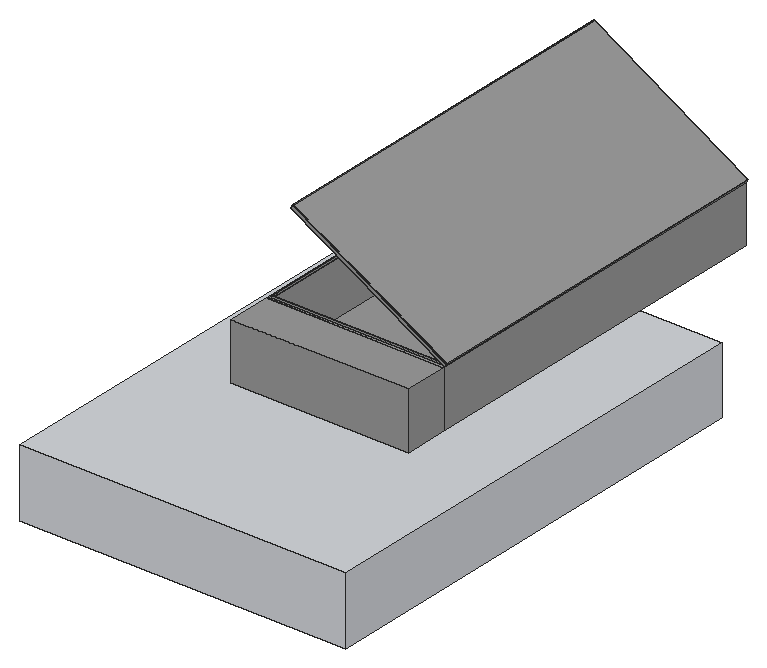
Revit family "Hager-Univers-IP55-D275-H1900-Cl.I-Steel_encl-NoHosted-CH-de", category Equipement électrique, Revit 2020
Family settings
  Hôte = Face
  Configuration du panneau = Deux colonnes, circuits au sein
  Cote de connecteur circulaire = Utiliser le diamètre
  Type d'élément = Tableau de raccordement
  Couper avec des vides une fois chargée = Non
  Partagée = Non
  Point de calcul de pièce = Non
Parameters (values of type "Bodenaufstellung IP55 B800 H1900 T275  - FR13E2")
  Width Control [instance] = if([EF000008 - Breite] > Min Width, [EF000008 - Breite], Min Width)  # 800 mm
  Commentaires du type = [HG000003 - Bereich]  # "Univers"
  Thickness Door [instance] = if([EF009171 - Materialstärke Tür/Deckel] > 3 mm, 3 mm, [EF009171 - Materialstärke Tür/Deckel])  # 1.5 mm
  Seal Frame Offset [instance] = 17 mm  # constant formula
  Plinth Visibility [instance] = [HG000027 - Sockelhöhe] > 0 mm  # yes
  Model = ""
  Min Width [instance] = 100 mm  # constant formula
  Min Height [instance] = 100 mm  # constant formula
  Min Depth [instance] = (2 * [EF009170 - Materialstärke Gehäuse]) + 1 mm  # 4 mm
  Internal Frame Depth [instance] = (Door System Depth * 0.5)  # 9 mm
  Height Control [instance] = if([EF000040 - Höhe] > Min Height, [EF000040 - Höhe], Min Height)  # 1900 mm
  HG000027 - Sockelhöhe = 200 mm
  HG000026 - Stehend auf dem Boden = yes
  HG000024 - Höhe des unteren Teils = 800 mm
  HG000023 - Gehäuse mit doppeltem Querschnitt = no
  HG000016 - 3D-Türsichtbarkeit [instance] = yes
  HG000015 - Sichtbarkeit der Türöffnung [instance] = no
  HG000014 - Tür rechts [instance] = yes
  HG000013 - Tür links [instance] = not([HG000014 - Tür rechts])  # no
  HG000012 - Türschwenkwinkel [instance] = 30.00°
  HG000010 - Asymmetrische Türen = no
  HG000009 - Doppelflügeligen Tür = no
  HG000006 - Unterputz = no
  HG000004 - Herstellerreferenz = "FR13E2"
  HG000003 - Bereich = "Univers"
  HG000002 - Mit tür = yes
  Frame Offset Bottom [instance] = 10 mm  # constant formula
  Frame Offset [instance] = 15 mm  # constant formula
  EF015940 - Deckel mit Überdruckentlastung = no
  EF011959 - Schutzart (NEMA) = ""
  EF009554 - Anzahl der Öffnungen für Flanschplatten = 6
  Fabricant = "Hager"  # constant formula
  EF009212 - Ausführung Deckel = "EV000116 - geschlossen"
  EF009171 - Materialstärke Tür/Deckel = 1.5 mm
  EF009170 - Materialstärke Gehäuse = 1.5 mm
  EF008873 - Nennstrom (In) = 800 A
  EF007800 - Geeignet für Blitzschutz = no
  EF006306 - Mit Schloss = no
  EF006244 - Transparenter Deckel/Tür = no
  EF005474 - Schutzart (IP) = "EV006420 - IP55"
  EF004464 - Art der Tür = "EV002646 - Einzel"
  EF004427 - Anzahl der Module = 396
  EF004293 - Schlagfestigkeit = "EV008784 - IK10"
  EF003532 - Geeignet für Außengebrauch = no
  EF002950 - Breite in Teilungseinheiten = 24
  EF001613 - Funktionserhalt = "EV000494 - ohne"
  EF001596 - Werkstoff des Gehäuses = "EV000179 - Stahl"
  EF001131 - Innentiefe = 275 mm
  EF001088 - Anbaumöglichkeit = yes
  EF000437 - Anzahl der Leitungseinführungen = 6
  EF000339 - Art der Abdeckung = "EV004216 - Tür"
  EF000266 - Anzahl der Reihen = 11
  EF000218 - Einbautiefe = 0 mm
  EF000118 - Mit Montageplatte = no
  EF000116 - RAL-Nummer = "7035"
  EF000049 - Tiefe = 275 mm
  EF000040 - Höhe = 1900 mm
  EF000008 - Breite = 800 mm
  EF000007 - Farbe = "EV000270 - grau"
  EF000003 - Montageart = "EV012274 - Bodenaufstellung"
  Door System Leaf Tolerance [instance] = 1.5 mm  # constant formula
  Door System Depth [instance] = 18 mm  # constant formula
  Door Height [instance] = Height Control - [HG000027 - Sockelhöhe]  # 1700 mm
  Depth Control [instance] = if([EF000049 - Tiefe] > Min Depth, [EF000049 - Tiefe], Min Depth)  # 275 mm
  Default Elevation = 0 mm
  Connector Offset [instance] = Height Control / 2  # 950 mm
  Bottom Top Plate Trim [instance] = 1.5 mm  # constant formula
  Plinth height Ctrl [instance] = if([HG000027 - Sockelhöhe] > 0 mm, [HG000027 - Sockelhöhe], 12 mm)  # 200 mm
Types (5, lengths in mm): name | Width Control | HG000010 - Asymmetrische Türen | HG000009 - Doppelflügeligen Tür | HG000004 - Herstellerreferenz | EF009554 - Anzahl der Öffnungen für Flanschplatten | EF004464 - Art der Tür | EF004427 - Anzahl der Module | EF000437 - Anzahl der Leitungseinführungen | EF000008 - Breite
  Bodenaufstellung IP55 B1050 H1900 T275  - FR14E2 | 1050 | yes | yes | "FR14E2" | 8 | "EV003602 - Doppel" | 528 | 8 | 1050
  Bodenaufstellung IP55 B1300 H1900 T275  - FR15E2 | 1300 | yes | yes | "FR15E2" | 10 | "EV003602 - Doppel" | 660 | 10 | 1300
  Bodenaufstellung IP55 B300 H1900 T275  - FR11E2 | 300 | no | no | "FR11E2" | 2 | "EV002646 - Einzel" | 132 | 2 | 300
  Bodenaufstellung IP55 B550 H1900 T275  - FR12E2 | 550 | no | no | "FR12E2" | 4 | "EV002646 - Einzel" | 264 | 4 | 550
  Bodenaufstellung IP55 B800 H1900 T275  - FR13E2 | 800 | no | no | "FR13E2" | 6 | "EV002646 - Einzel" | 396 | 6 | 800
Reference planes
  plane 1 "Center (Front/Back)": y = 0
  plane 2: z = 0
  plane 3 "Center (Left/Right)": x = 0
  plane 4: z = 275
  plane 5: y = 201.5
  plane 6: y = 1050
  plane 7: y = 200
  plane 8: y = 1900
  plane 9: z = 0
  plane 10: x = -385
  plane 11: x = 385
  plane 12: x = 383.5
  plane 13: x = -383.5
  plane 14: y = 1898.5
  plane 15: x = -383
  plane 16: x = -400
  plane 17: x = 383
  plane 18: x = 400
  plane 19: x = 398.5
  plane 20: x = -398.5
  plane 21: y = 211.5
  plane 22: y = 1900
  plane 23: y = 1883.5
  plane 24: z = 257
  plane 25: z = 1.5
  plane 26: z = 255.5
  plane 27: z = 273.5
Forms (mm)
  Extrusion 1, solid
    sketch origin (0, 0, 0) x (1, 0, 0) y (0, 1, 0)
      loop
        line (-702.964, 1305) -> (-702.964, -811.445) -> (766.763, -811.445) -> (766.763, 1305) -> (-702.964, 1305)
    from 0 to -304.8
  Extrusion 2, solid, material "Hager_Steel_RAL7035_Light_Grey", visible <- "Plinth Visibility", detail levels medium+fine
    sketch origin (0, 0, 0) x (1, 0, 0) y (0, 1, 0)
      loop
        line (-400, 0) -> (400, 0) -> (400, 200) -> (-400, 200) -> (-400, 0)
    from 0 to 257
  Extrusion 3, solid, material "Hager_Steel_RAL7035_Light_Grey", detail levels medium+fine
    sketch origin (0, 0, 0) x (1, 0, 0) y (0, 1, 0)
      loop
        line (-400, 200) -> (400, 200) -> (400, 1900) -> (-400, 1900) -> (-400, 200)
    from 0 to 257
  Extrusion 4, void
    sketch origin (0, 0, 0) x (1, 0, 0) y (0, 1, 0)
      loop
        line (-398.5, 201.5) -> (398.5, 201.5) -> (398.5, 1898.5) -> (-398.5, 1898.5) -> (-398.5, 201.5)
    from 1.5 to 255.5
  Extrusion 5, void
    sketch origin (-381.607, -4572, 257) x (0, -1, 0) y (-1, 0, 0)
      loop
        line (-4783.5, 1.893) -> (-6455.5, 1.893) -> (-6455.5, -765.107) -> (-4783.5, -765.107) -> (-4783.5, 1.893)
    from 0 to 1.5 <- "EF009170 - Materialstärke Gehäuse"
  Extrusion 6, solid, material "Hager_Steel_RAL7035_Light_Grey", detail levels fine
    sketch origin (0, 0, 257) x (1, 0, 0) y (0, 1, 0)
      loop
        line (-383.5, 1883.5) -> (-383.5, 211.5) -> (383.5, 211.5) -> (383.5, 1883.5) -> (-383.5, 1883.5)
      loop
        line (-385, 210) -> (385, 210) -> (385, 1885) -> (-385, 1885) -> (-385, 210)
    from 0 to 9 <- "Internal Frame Depth"
  Extrusion 7, solid, material "Hager_Steel_RAL7035_Light_Grey", detail levels coarse
    sketch origin (0, 0, 0) x (1, 0, 0) y (0, 1, 0)
      loop
        line (-400, 0) -> (400, 0) -> (400, 1900) -> (-400, 1900) -> (-400, 0)
    from 0 to 275
  Sweep 8, void
    path in 3D
      loop
        line (-400, 200, 0) -> (400, 200, 0) -> (400, 200, 257) -> (-400, 200, 257) -> (-400, 200, 0)
    profile origin (-400, 200, 128.5) x (-1, 0, 0) y (0, -1, 0)
      loop
        line (0, 0) -> (0, 1.5) -> (-1.5, 1.5)
        arc (-1.5, 1.5) -> (-1.061, 0.439) -> (0, 0) r 1.5
Cuts and joins
  Extrusion 4, Extrusion 5 cuts Extrusion 3
  Sweep 8 cuts Extrusion 2
Lines and regions (mm)
  Masking region 1
    outline origin (0, 0, 0) x (1, 0, 0) y (0, 0, 1)
      loop
        line (-400, 275) -> (-400, 0) -> (400, 0) -> (400, 275) -> (-400, 275)
  Masking region 2, detail levels medium+fine
    outline origin (0, 140, 0) x (0, 1, 0) y (0, 0, 1)
      loop
        line (60, 0) -> (1760, 0) -> (1760, 257) -> (60, 257) -> (60, 0)
  Masking region 3, not visible, detail levels medium+fine
    outline origin (0, 297.922, 0) x (0, 1, 0) y (0, 0, 1)
      loop
        line (763.578, 0) -> (803.578, 0) -> (803.578, 263.5)
        arc (803.578, 263.5) -> (800.649, 270.571) -> (793.578, 273.5) r 10
        line (793.578, 273.5) -> (763.578, 273.5) -> (763.578, 0)
  Masking region 4, detail levels coarse
    outline origin (0, 0, 180) x (0, 1, 0) y (0, 0, 1)
      loop
        line (0, -180) -> (1900, -180) -> (1900, 95) -> (0, 95) -> (0, -180)
  Masking region 5, visible <- "Plinth Visibility", detail levels medium+fine
    outline origin (0, 52.24, 12.345) x (0, 0, -1) y (0, 1, 0)
      loop
        line (10.845, 147.76) -> (-243.155, 147.76)
        arc (-243.155, 147.76) -> (-243.594, 146.699) -> (-244.655, 146.26) r 1.5
        line (-244.655, 146.26) -> (-244.655, -52.24) -> (12.345, -52.24) -> (12.345, 146.26)
        arc (12.345, 146.26) -> (11.285, 146.699) -> (10.845, 147.76) r 1.5
  Masking region 6, detail levels medium+fine
    outline origin (-381.607, -4572, 257) x (-1, 0, 0) y (0, -1, 0)
      loop
        line (18.393, -6472) -> (18.393, -4772) -> (-781.607, -4772) -> (-781.607, -6472) -> (18.393, -6472)
  Masking region 7, visible <- "Plinth Visibility", detail levels medium+fine
    outline origin (-381.607, -4727, 257) x (-1, 0, 0) y (0, -1, 0)
      loop
        arc (16.893, -4927) -> (17.332, -4925.939) -> (18.393, -4925.5) r 1.5
        line (18.393, -4925.5) -> (18.393, -4727) -> (-781.607, -4727) -> (-781.607, -4925.5)
        arc (-781.607, -4925.5) -> (-780.546, -4925.939) -> (-780.107, -4927) r 1.5
        line (-780.107, -4927) -> (16.893, -4927)
  Masking region 8, detail levels coarse
    outline origin (-442.548, -4669.526, 257) x (-1, 0, 0) y (0, -1, 0)
      loop
        line (-42.548, -6569.526) -> (-42.548, -4669.526) -> (-842.548, -4669.526) -> (-842.548, -6569.526) -> (-42.548, -6569.526)
  sketch lines
    curve 1: line (-400, 200, 257) -> (-400, 200, 0)
    curve 2: line (400, 200, 257) -> (-400, 200, 257)
    curve 3: line (400, 200, 257) -> (400, 200, 0)
    curve 4: line (-400, 200, 0) -> (400, 200, 0)
Dimensions and locks
  "Depth Control": plane 4 to Extrusion 1
  "HG000027 - Sockelhöhe": plane 1 "Center (Front/Back)" to plane 7
  "EF009170 - Materialstärke Gehäuse": plane 5 to plane 7
  locked: connector elem to plane 3 "Center (Left/Right)"
  equal spacing: plane 8, plane 6, plane 7
  locked: connector elem to plane 6
  "EF009170 - Materialstärke Gehäuse": plane 8 to plane 14
  "EF009170 - Materialstärke Gehäuse": plane 10 to plane 13
  "EF009170 - Materialstärke Gehäuse": plane 12 to plane 11
  "Frame Offset": plane 20 to plane 13
  "Frame Offset": plane 12 to plane 19
  "EF009170 - Materialstärke Gehäuse": plane 16 to plane 20
  "EF009170 - Materialstärke Gehäuse": plane 19 to plane 18
  "Seal Frame Offset": plane 16 to plane 15
  "Seal Frame Offset": plane 17 to plane 18
  "Frame Offset Bottom": plane 21 to plane 5
  "Frame Offset": plane 14 to plane 23
  equal spacing: plane 16, plane 3 "Center (Left/Right)", plane 18
  "Width Control": plane 16 to plane 18
  "EF009170 - Materialstärke Gehäuse": plane 4 to plane 27
  "EF009170 - Materialstärke Gehäuse": plane 24 to plane 26
  "EF009170 - Materialstärke Gehäuse": plane 25 to level
  "Door System Depth": plane 4 to plane 24
  "Height Control": plane 1 "Center (Front/Back)" to Extrusion 7 sketch curve
  "Height Control": Masking region 4 sketch curve to plane 1 "Center (Front/Back)"
  "Height Control": plane 1 "Center (Front/Back)" to plane 22
  "Bottom Top Plate Trim": profile plane to Sweep 8 sketch curve
  "Bottom Top Plate Trim": Sweep 8 sketch curve to profile plane
  "Plinth height Ctrl": plane 1 "Center (Front/Back)" to Extrusion 2 sketch curve
  "Plinth height Ctrl": Masking region 5 sketch curve to plane 1 "Center (Front/Back)"
  "Plinth height Ctrl": plane 1 "Center (Front/Back)" to Masking region 7 sketch curve
  "Thickness Door": Extrusion 6 sketch curve to Extrusion 6 sketch curve  (x3)
  "Thickness Door": cut or joined group of Extrusion 3, Extrusion 4, Extrusion 5 to Extrusion 6 sketch curve
  radius of Masking region 3 sketch curve = 10 mm
  "Bottom Top Plate Trim": radius of Masking region 5 sketch curve  (x2)
  "Bottom Top Plate Trim": radius of Sweep 8 sketch curve
  "Bottom Top Plate Trim": radius of Masking region 7 sketch curve  (x2)
  aligned and locked: plane 2 to Extrusion 1
  aligned and locked: level to Extrusion 1
  aligned and locked: level to Masking region 1 sketch curve
  aligned and locked: Masking region 1 sketch curve to plane 18
  aligned and locked: Masking region 1 sketch curve to plane 16
  aligned and locked: plane 7 to Masking region 2 sketch curve
  aligned and locked: level to Masking region 3 sketch curve
  aligned and locked: Masking region 3 sketch curve to plane 27
  aligned and locked: level to Masking region 2 sketch curve
  aligned and locked: plane 1 "Center (Front/Back)" to Extrusion 2 sketch curve
  aligned and locked: Extrusion 3 sketch curve to plane 7
  aligned and locked: plane 16 to Extrusion 3 sketch curve
  aligned and locked: plane 18 to Extrusion 3 sketch curve
  aligned and locked: plane 20 to Extrusion 4 sketch curve
  aligned and locked: plane 19 to Extrusion 4 sketch curve
  aligned and locked: Extrusion 4 sketch curve to plane 5
  aligned and locked: Extrusion 4 to plane 25
  aligned and locked: plane 26 to Extrusion 4
  aligned and locked: plane 24 to Extrusion 3
  aligned and locked: Extrusion 5 sketch curve to plane 21
  aligned and locked: Extrusion 5 sketch curve to plane 13
  aligned and locked: Extrusion 5 sketch curve to plane 12
  aligned and locked: plane 18 to Extrusion 7 sketch curve
  aligned and locked: plane 1 "Center (Front/Back)" to Extrusion 7 sketch curve
  aligned and locked: plane 16 to Extrusion 7 sketch curve
  aligned and locked: plane 4 to Extrusion 7
  aligned and locked: Extrusion 7 to level
  aligned and locked: level to Masking region 4 sketch curve
  aligned and locked: Masking region 4 sketch curve to plane 1 "Center (Front/Back)"
  aligned and locked: Masking region 4 sketch curve to plane 4
  aligned and locked: nested 1 to level
  aligned and locked: nested 1 to plane 16
  aligned and locked: plane 8 to Extrusion 3 sketch curve
  aligned and locked: plane 23 to Extrusion 5 sketch curve
  aligned and locked: plane 14 to Extrusion 4 sketch curve
  aligned and locked: Masking region 2 sketch curve to plane 8
  aligned and locked: level to Masking region 5 sketch curve
  aligned and locked: plane 16 to Extrusion 2 sketch curve
  aligned and locked: plane 18 to Extrusion 2 sketch curve
  aligned and locked: Masking region 5 sketch curve to plane 24
  aligned and locked: Masking region 2 sketch curve to plane 24
  aligned and locked: plane 24 to Extrusion 2
  aligned and locked: profile plane to Sweep 8 sketch curve  (x2)
  aligned and locked: Masking region 6 sketch curve to plane 18
  aligned and locked: Masking region 6 sketch curve to plane 22
  aligned and locked: Masking region 6 sketch curve to plane 16
  aligned and locked: plane 8 to plane 22
  aligned and locked: Masking region 6 sketch curve to plane 7
  aligned and locked: Masking region 7 sketch curve to plane 16
  aligned and locked: Masking region 7 sketch curve to plane 1 "Center (Front/Back)"
  aligned and locked: Masking region 7 sketch curve to plane 18
  aligned and locked: Masking region 8 sketch curve to plane 1 "Center (Front/Back)"
  aligned and locked: Masking region 8 sketch curve to plane 18
  aligned and locked: Masking region 8 sketch curve to plane 22
  aligned and locked: Masking region 8 sketch curve to plane 16
  aligned and locked: nested 2 to plane 7
  aligned and locked: plane 3 "Center (Left/Right)" to nested 2
  aligned and locked: nested 2 to plane 24
  aligned and locked: Extrusion 6 sketch curve to cut or joined group of Extrusion 3, Extrusion 4, Extrusion 5  (x4)
Automatic sketch dimensions
  Extrusion 1 sketch curve to Extrusion 1 sketch curve = 1469.727 mm
  Extrusion 1 sketch curve to Extrusion 1 sketch curve = 2116.445 mm
  Masking region 1 sketch curve to plane 4 = 0 mm
  plane 6 to Masking region 3 sketch curve = 11.5 mm
  Masking region 3 sketch curve to Masking region 3 sketch curve = 30 mm
  Masking region 5 sketch curve to plane 1 "Center (Front/Back)" = 0 mm
Nested families
  nested 1: "Hager_Enclosure_Symbol" at (-400, 0, 0) x (1, 0, 0) z (0, -1, 0), Height <- "Depth Control", Width <- "Width Control", type "Hager_Enclosure_Symbol"
    with Width_Ctrl 800 mm, Width 800 mm, Height_Ctrl 275 mm, Height 275 mm, A_Width_Int 18.047 mm, A_Width 216.562 mm, A_Height_Ctrl 240.625 mm, A_Height 240.625 mm
  nested 2: "EC000058_Univers_Door" at (0, 200, 257) x (1, 0, 0) z (0, 1, 0), Leaf_Tolerance <- "Door System Leaf Tolerance", Angle <- "HG000012 - Türschwenkwinkel", Door_Depth <- "Door System Depth", Door_Left <- "HG000013 - Tür links", Transparent <- "EF006244 - Transparenter Deckel/Tür", Assymetrical <- "HG000010 - Asymmetrische Türen", Width <- "Width Control", Clearance <- "HG000015 - Sichtbarkeit der Türöffnung", Double <- "HG000009 - Doppelflügeligen Tür", 3d_Door <- "HG000016 - 3D-Türsichtbarkeit", Lock_Visibility <- "EF006306 - Mit Schloss", Width_Ctrl <- "Width Control", Door_Right <- "HG000014 - Tür rechts", Door <- "HG000002 - Mit tür", Height <- "Door Height", Thickness <- "Thickness Door", type "EC000058_Univers_Door", detail levels medium+fine
    with min_wh 4 mm, Width_Ctrl 800 mm, Width 800 mm, Transparent no, Thickness 1.5 mm, Seal_Material Hager_Rubber, Lock_Visibility no, Lock_Material Hager_Plastic_RAL9005_Jet_Black, Leaf_Width 800 mm, Leaf_Tolerance_External_Sides 0 mm, Leaf_Tolerance 1.5 mm, Leaf_Offset 0 mm, Leaf_Height 1697 mm, Leaf_2_Width 800 mm, Leaf_2_Offset 400 mm, Leaf_1_Width 800 mm, Leaf_1_Offset 400 mm, Height_Ctrl 1700 mm, Height 1700 mm, Glass_Material Hager_Glass, Double_Clearance_Ctrl no, Double no, Door_Right_Ctrl yes, Door_Right yes, Door_Material Hager_Steel_RAL7035_Light_Grey, Door_Left_Ctrl no, Door_Left no, Door_Depth 18 mm, Door yes, Clearance_Material Hager_Clearance, Clearance_Depth 800 mm, Clearance_Ctrl no, Clearance no, Assymetrical no, Angle 30.00°, 3d_Door yes
Connectors
  electrical at (0, 1050, 0)
    settings: on plane 9, index 1, voltage 0 V, apparent load 0 VA, apparent load phase1 0 VA, apparent load phase2 0 VA, apparent load phase3 0 VA, power factor 1, load classification "Other", number of poles 1, system type 30, power factor state 1, is connector primary yes, connector utility no, sub classification motor no, connector description ""
Definition of nested family "EC000058_Univers_Door"
  Parameters (values of type "EC000058_Univers_Door")
    min_wh [instance] = (2 * Thickness) + 1 mm  # 11 mm
    Width_Ctrl [instance] = 400 mm
    Width [instance] = 500 mm
    Transparent [instance] = yes
    Thickness [instance] = 5 mm
    Seal_Material [instance] = none
    Lock_Visibility [instance] = yes
    Lock_Material [instance] = none
    Leaf_Width [instance] = if((Width_Ctrl - 2 * Leaf_Tolerance_External_Sides) > 0 mm, (Width_Ctrl - 2 * Leaf_Tolerance_External_Sides), min_wh)  # 400 mm
    Leaf_Tolerance_External_Sides [instance] = 0 mm  # constant formula
    Leaf_Tolerance [instance] = 1.5 mm
    Leaf_Offset [instance] = 0 mm  # constant formula
    Leaf_Height [instance] = if((Height_Ctrl - 2 * Leaf_Tolerance) > 0 mm, (Height_Ctrl - 2 * Leaf_Tolerance), min_wh)  # 497 mm
    Leaf_2_Width [instance] = if(and(and(Double, Assymetrical), Door_Left), (Leaf_Width / 3) - (Leaf_Tolerance / 2), if(and(and(Double, Assymetrical), Door_Right), (Leaf_Width / 3) * 2 - (Leaf_Tolerance / 2), if(and(Double, not(Assymetrical)), (Leaf_Width / 2) - Leaf_Tolerance, Leaf_Width)))  # 400 mm
    Leaf_2_Offset [instance] = if(and(Double, Assymetrical), Leaf_2_Width / 2, if(and(Double, not(Assymetrical)), Leaf_Width / 4, Leaf_Width / 2))  # 200 mm
    Leaf_1_Width [instance] = if(and(and(Double, Assymetrical), Door_Right), (Leaf_Width / 3) - (Leaf_Tolerance / 2), if(and(and(Double, Assymetrical), Door_Left), (Width / 3) * 2 - (Leaf_Tolerance / 2), if(and(Double, not(Assymetrical)), (Leaf_Width / 2) - Leaf_Tolerance, Leaf_Width)))  # 400 mm
    Leaf_1_Offset [instance] = if(and(Double, Assymetrical), Leaf_1_Width / 2, if(and(Double, not(Assymetrical)), Leaf_Width / 4, Leaf_Width / 2))  # 200 mm
    Height_Ctrl [instance] = if(Height > min_wh, Height, min_wh)  # 500 mm
    Height [instance] = 500 mm
    Glass_Material [instance] = none
    Double_Clearance_Ctrl [instance] = and(Double, Clearance)  # no
    Double [instance] = no
    Door_Right_Ctrl [instance] = and(or(Door_Right, Double), Door)  # yes
    Door_Right [instance] = yes
    Door_Material [instance] = none
    Door_Left_Ctrl [instance] = and(or(Door_Left, Double), Door)  # no
    Door_Left [instance] = no
    Door_Depth [instance] = 30 mm
    Door [instance] = yes
    Default Elevation = 1219.2 mm
    Clearance_Material [instance] = none
    Clearance_Depth [instance] = if(Leaf_1_Width > Leaf_2_Width, Leaf_1_Width, Leaf_2_Width)  # 400 mm
    Clearance_Ctrl [instance] = and(not(Double), Clearance)  # yes
    Clearance [instance] = yes
    Assymetrical [instance] = yes
    Angle [instance] = 30.00°
    3d_Door [instance] = yes
  Reference planes
    plane 1 "Center (Front/Back)": y = 0
    plane 2 "Bottom": z = 0
    plane 3 "Center (Left/Right)": x = 0
    plane 4: z = 500
    plane 5: x = -200
    plane 6: x = 200
    plane 7: z = 500
    plane 8: x = -200
    plane 9: z = 0
    plane 10: x = 200
    plane 11: y = 0
    plane 12: z = 1.5
    plane 13: x = -600
    plane 14: y = -400
    plane 15: x = 600
    plane 16: x = 0
    plane 17: x = 0
    plane 18: x = -200
    plane 19: x = 200
    plane 20: z = 498.5
  Forms (mm)
    Extrusion 1, solid, material <- "Clearance_Material", visible <- "Double_Clearance_Ctrl"
      sketch origin (1200, 0, 0) x (1, 0, 0) y (0, 0, -1)
        loop
          line (-1800, -498.5) -> (-600, -498.5) -> (-600, 0) -> (-1800, 0) -> (-1800, -498.5)
      from 0 to -400
  Dimensions and locks
    equal spacing: plane 5, plane 3 "Center (Left/Right)", plane 6
    "Width_Ctrl": plane 5 to plane 6
    "Leaf_Offset": plane 5 to plane 8
    "Leaf_Offset": plane 6 to plane 10
    "Leaf_Offset": plane 9 to level
    "Leaf_Offset": plane 4 to plane 7
    "Height_Ctrl": plane 4 to level
    "Leaf_Tolerance": plane 12 to plane 9
    locked: plane 11 to plane 1 "Center (Front/Back)"
    "Leaf_1_Offset": plane 18 to plane 16
    "Leaf_2_Offset": plane 17 to plane 19
    "Leaf_1_Width": plane 13 to plane 8
    "Leaf_2_Width": plane 10 to plane 15
    "Clearance_Depth": plane 14 to plane 1 "Center (Front/Back)"
    "Leaf_Tolerance_External_Sides": plane 8 to plane 18
    "Leaf_Tolerance_External_Sides": plane 19 to plane 10
    "Leaf_Tolerance": plane 7 to plane 20
    aligned and locked: level to plane 2 "Bottom"
    aligned and locked: nested 1 to plane 16
    aligned and locked: nested 2 to plane 17
    aligned and locked: Extrusion 1 to plane 13
    aligned and locked: plane 15 to Extrusion 1
    aligned and locked: Extrusion 1 to plane 14
    aligned and locked: plane 12 to nested 1
    aligned and locked: nested 2 to plane 12
    aligned and locked: Extrusion 1 to plane 11
    aligned and locked: plane 20 to Extrusion 1
    aligned and locked: nested 2 to plane 11
    aligned and locked: nested 1 to plane 11
  Automatic sketch dimensions
    Extrusion 1 sketch curve to level = 0 mm
    plane 5 to Extrusion 1 sketch curve = 400 mm
    plane 6 to Extrusion 1 sketch curve = 400 mm
    Extrusion 1 sketch curve to plane 4 = 1.5 mm
  Nested families
    nested 1: "EC000058_Univers_Door_Leaf" at (0, 0, 1.5), Width <- "Leaf_1_Width", visible <- "Door_Left_Ctrl", Leaf_Height <- "Leaf_Height", Angle <- "Angle", 3d_Door <- "3d_Door", Transparent <- "Transparent", Clearance Material <- "Clearance_Material", Clearance <- "Clearance_Ctrl", Door_Material <- "Door_Material", Glass_Material <- "Glass_Material", Door_Depth <- "Door_Depth", Lock_Material <- "Lock_Material", Seal_Material <- "Seal_Material", Lock_Visibility <- "Lock_Visibility", Thickness <- "Thickness", type "EC000058_Univers_Door_Leaf"
      with Width 400 mm, Transparent_Glass_Offset 30 mm, Transparent_Ctrl yes, Transparent yes, Thickness 5 mm, Standard no, Seal_Material none, Seal_D2 8 mm, Seal_D1 1 mm, Offset_Internal_Frame 10 mm, Lock_Width 20 mm, Lock_Visibility_3d yes, Lock_Visibility yes, Lock_Thickness_3 3 mm, Lock_Thickness_2 1 mm, Lock_Thickness_1 3 mm, Lock_Radius_Offset_2 16 mm, Lock_Radius_Offset_1 15 mm, Lock_Radius_2 5 mm, Lock_Radius 6 mm, Lock_Offset 5 mm, Lock_Material none, Lock_Height 80 mm, Lock_Cover_Top_Offset_2d 17 mm, Lock_Cover_Height -65 mm, Leaf_Height 497 mm, Internal_Seal_Thickness 8 mm, Internal_Seal_Depth_2 4.5 mm, Internal_Frame_Depth 25 mm, Glass_Thickness -1 mm, Glass_Offset -2 mm, Glass_Material none, Door_Material none, Door_Depth 30 mm, Clearance Material none, Clearance yes, Angle_Ctrl 30.00°, Angle 30.00°, 3d_Door yes
    nested 2: "EC000058_Univers_Door_Leaf" at (0, 0, 1.5) x (-1, 0, 0) z (0, 0, 1), Width <- "Leaf_2_Width", visible <- "Door_Right_Ctrl", Leaf_Height <- "Leaf_Height", Angle <- "Angle", 3d_Door <- "3d_Door", Transparent <- "Transparent", Clearance Material <- "Clearance_Material", Clearance <- "Clearance_Ctrl", Door_Material <- "Door_Material", Glass_Material <- "Glass_Material", Door_Depth <- "Door_Depth", Lock_Material <- "Lock_Material", Seal_Material <- "Seal_Material", Lock_Visibility <- "Lock_Visibility", Thickness <- "Thickness", type "EC000058_Univers_Door_Leaf"
      with Width 400 mm, Transparent_Glass_Offset 30 mm, Transparent_Ctrl yes, Transparent yes, Thickness 5 mm, Standard no, Seal_Material none, Seal_D2 8 mm, Seal_D1 1 mm, Offset_Internal_Frame 10 mm, Lock_Width 20 mm, Lock_Visibility_3d yes, Lock_Visibility yes, Lock_Thickness_3 3 mm, Lock_Thickness_2 1 mm, Lock_Thickness_1 3 mm, Lock_Radius_Offset_2 16 mm, Lock_Radius_Offset_1 15 mm, Lock_Radius_2 5 mm, Lock_Radius 6 mm, Lock_Offset 5 mm, Lock_Material none, Lock_Height 80 mm, Lock_Cover_Top_Offset_2d 17 mm, Lock_Cover_Height -65 mm, Leaf_Height 497 mm, Internal_Seal_Thickness 8 mm, Internal_Seal_Depth_2 4.5 mm, Internal_Frame_Depth 25 mm, Glass_Thickness -1 mm, Glass_Offset -2 mm, Glass_Material none, Door_Material none, Door_Depth 30 mm, Clearance Material none, Clearance yes, Angle_Ctrl 30.00°, Angle 30.00°, 3d_Door yes
  Definition of nested family "EC000058_Univers_Door_Leaf"
    Parameters (values of type "EC000058_Univers_Door_Leaf")
      Width [instance] = 2000 mm
      Transparent_Glass_Offset [instance] = 30 mm
      Transparent_Ctrl [instance] = and(Transparent, [3d_Door])  # yes
      Transparent [instance] = yes
      Thickness [instance] = 5 mm
      Standard [instance] = and(not(Transparent), [3d_Door])  # no
      Seal_Material [instance] = none
      Seal_D2 [instance] = 8 mm  # constant formula
      Seal_D1 [instance] = 1 mm  # constant formula
      Offset_Internal_Frame [instance] = 10 mm  # constant formula
      Lock_Width [instance] = 20 mm  # constant formula
      Lock_Visibility_3d [instance] = and(Lock_Visibility, [3d_Door])  # yes
      Lock_Visibility [instance] = yes
      Lock_Thickness_3 [instance] = 3 mm  # constant formula
      Lock_Thickness_2 [instance] = 1 mm  # constant formula
      Lock_Thickness_1 [instance] = 3 mm  # constant formula
      Lock_Radius_Offset_2 [instance] = Lock_Radius_Offset_1 + 1 mm  # 16 mm
      Lock_Radius_Offset_1 [instance] = 15 mm  # constant formula
      Lock_Radius_2 [instance] = Lock_Radius - 1 mm  # 5 mm
      Lock_Radius [instance] = 6 mm  # constant formula
      Lock_Offset [instance] = 5 mm  # constant formula
      Lock_Material [instance] = none
      Lock_Height [instance] = 80 mm  # constant formula
      Lock_Cover_Top_Offset_2d [instance] = Lock_Radius_Offset_2 + 1 mm  # 17 mm
      Lock_Cover_Height [instance] = -(Lock_Height - Lock_Radius_Offset_1)  # -65 mm
      Leaf_Height [instance] = 2720.336 mm
      Internal_Seal_Thickness [instance] = 8 mm  # constant formula
      Internal_Seal_Depth_2 [instance] = 4.5 mm  # constant formula
      Internal_Frame_Depth [instance] = if(Door_Depth - Thickness > 5 mm, Door_Depth - Thickness, 5 mm)  # 25 mm
      Glass_Thickness [instance] = if(Thickness > 15 mm, Glass_Offset + 10 mm, -1 mm)  # -1 mm
      Glass_Offset [instance] = if(Thickness > 15 mm, -(Thickness + 10 mm) / 2, -2 mm)  # -2 mm
      Glass_Material [instance] = none
      Door_Material [instance] = none
      Door_Depth [instance] = 30 mm
      Default Elevation = 0 mm
      Clearance Material [instance] = none
      Clearance [instance] = yes
      Angle_Ctrl [instance] = if(Angle > 180.00°, 180.00°, Angle)  # 90.00°
      Angle [instance] = 90.00°
      3d_Door [instance] = yes
    Reference planes
      plane 1 "Center (Front/Back)": y = 0
      plane 2: z = 0
      plane 3 "Center (Left/Right)": x = 0
      plane 4: y = 2000
      plane 5: x = -1000
      plane 6: x = 1000
      plane 7: x = -3000
      plane 8: z = 2720.336
      plane 9: z = 30
      plane 10: z = 2690.336
      plane 11: x = 970
      plane 12: x = -970
      plane 13: y = -3
      plane 14: z = 107.833
      plane 15: y = -5
      plane 16: y = -223.314
      plane 17: x = -1000
      plane 18: z = 1360.168
      plane 19: y = 30
    Forms (mm)
      Extrusion 1, solid, material <- "Clearance Material", visible <- "Clearance"
        sketch origin (0, 0, 0) x (1, 0, 0) y (0, 0, 1)
          loop
            line (-3000, 2720.336) -> (-3000, 0) -> (1000, 0) -> (1000, 2720.336) -> (-3000, 2720.336)
        from 0 to -2000
      Extrusion 2, solid, material <- "Door_Material", visible <- "Standard", detail levels medium+fine
        sketch origin (-1000, 0, 0) x (0, 1, 0) y (-1, 0, 0)
          loop
            line (0, 30) -> (0, 25) -> (2000, 25) -> (2000, 30) -> (0, 30)
        from 0 to 2720.336 <- "Leaf_Height"
      Extrusion 3, solid, material <- "Door_Material", visible <- "Transparent_Ctrl", detail levels medium+fine
        sketch origin (-1000, 0, 0) x (0, 1, 0) y (-1, 0, 0)
          loop
            line (0, 25) -> (2000, 25) -> (2000, 30) -> (0, 30) -> (0, 25)
        from 0 to 2720.336 <- "Leaf_Height"
      Extrusion 4, void
        sketch origin (-1025, 2000, 0) x (0, 1, 0) y (0, 0, -1)
          loop
            line (-30, -2690.336) -> (-30, -30) -> (-1970, -30) -> (-1970, -2690.336) -> (-30, -2690.336)
        from 0 to 5 <- "Thickness"
      Sweep 5, solid, material <- "Seal_Material", visible <- "Transparent_Ctrl", detail levels fine
        path in 3D
          loop
            line (-1025, 30, 30) -> (-1025, 30, 2690.336) -> (-1025, 1970, 2690.336) -> (-1025, 1970, 30) -> (-1025, 30, 30)
        profile origin (-1025, 1000, 30) x (1, 0, 0) y (0, 0, 1)
          loop
            line (0, 0) -> (0, -8) -> (1, -8) -> (1, 0) -> (0, 0)
      Extrusion 6, solid, material <- "Glass_Material", visible <- "Transparent_Ctrl", detail levels medium+fine
        sketch origin (-1030, 0, 0) x (0, 1, 0) y (0, 0, -1)
          loop
            line (1970, -2690.336) -> (1970, -30) -> (30, -30) -> (30, -2690.336) -> (1970, -2690.336)
        from -2 <- "Glass_Offset" to -1 <- "Glass_Thickness"
      Extrusion 7, solid, material <- "Door_Material", visible <- "3d_Door", detail levels medium+fine
        sketch origin (-1025, 2000, 0) x (0, -1, 0) y (0, 0, -1)
          loop
            line (0, -2720.336) -> (2000, -2720.336) -> (2000, 0) -> (0, 0) -> (0, -2720.336)
          loop
            line (1995, -5) -> (5, -5) -> (5, -2715.336) -> (1995, -2715.336) -> (1995, -5)
        from 0 to 25 <- "Internal_Frame_Depth"
      Sweep 8, solid, material <- "Seal_Material", visible <- "Transparent_Ctrl", detail levels fine
        path in 3D
          loop
            line (-1025, 0, 0) -> (-1025, 2000, 0) -> (-1025, 2000, 2720.336) -> (-1025, 0, 2720.336) -> (-1025, 0, 0)
        profile origin (-1025, 0, 1360.168) x (1, 0, 0) y (0, 1, 0)
          loop
            line (0, 10) -> (2.975, 10)
            arc (2.975, 10) -> (4.053, 10.447) -> (4.5, 11.525) r 1.525
            line (4.5, 11.525) -> (4.5, 16.527)
            arc (4.5, 16.527) -> (4.069, 17.569) -> (3.027, 18) r 1.473
            line (3.027, 18) -> (0, 18) -> (0, 10)
      Extrusion 9, solid, material <- "Lock_Material", visible <- "Lock_Visibility_3d", detail levels fine
        sketch origin (-1030, 0, 0) x (0, 1, 0) y (0, 0, -1)
          loop
            arc (1993.5, -1400.168) -> (1994.561, -1399.729) -> (1995, -1398.668) r 1.5
            line (1995, -1398.668) -> (1995, -1320.168) -> (1975, -1320.168) -> (1975, -1398.668)
            arc (1975, -1398.668) -> (1975.439, -1399.729) -> (1976.5, -1400.168) r 1.5
            line (1976.5, -1400.168) -> (1993.5, -1400.168)
        from 3 <- "Lock_Thickness_1" to 0
      Blend 10, solid, material <- "Lock_Material", visible <- "Lock_Visibility_3d", detail levels fine
        base sketch origin (-1033, 0, 0) x (0, 1, 0) y (0, 0, -1)
          loop
            line (1975, -1320.168) -> (1975, -1398.668)
            arc (1975, -1398.668) -> (1975.439, -1399.729) -> (1976.5, -1400.168) r 1.5
            line (1976.5, -1400.168) -> (1993.5, -1400.168)
            arc (1993.5, -1400.168) -> (1994.561, -1399.729) -> (1995, -1398.668) r 1.5
            line (1995, -1398.668) -> (1995, -1320.168) -> (1975, -1320.168)
        top sketch origin (-1033, 0, 0) x (0, 1, 0) y (0, 0, -1)
          loop
            line (1976, -1320.168) -> (1976, -1398.668)
            arc (1976, -1398.668) -> (1976.146, -1399.022) -> (1976.5, -1399.168) r 0.5
            line (1976.5, -1399.168) -> (1993.5, -1399.168)
            arc (1993.5, -1399.168) -> (1993.854, -1399.022) -> (1994, -1398.668) r 0.5
            line (1994, -1398.668) -> (1994, -1320.168) -> (1976, -1320.168)
        from 0 to 1 <- "Lock_Thickness_2"
      Blend 11, solid, material <- "Lock_Material", visible <- "Lock_Visibility_3d", detail levels fine
        base sketch origin (-1034, 0, 0) x (0, 1, 0) y (0, 0, -1)
          loop
            line (1978, -1320.168) -> (1978, -1384.168)
            arc (1978, -1384.168) -> (1985, -1391.168) -> (1992, -1384.168) r 7
            line (1992, -1384.168) -> (1992, -1320.168) -> (1978, -1320.168)
        top sketch origin (-1034, 0, 0) x (0, 1, 0) y (0, 0, -1)
          loop
            line (1991, -1320.168) -> (1979, -1320.168) -> (1979, -1383.168)
            arc (1979, -1383.168) -> (1985, -1389.168) -> (1991, -1383.168) r 6
            line (1991, -1383.168) -> (1991, -1320.168)
        from 0 to 3 <- "Lock_Thickness_3"
      Extrusion 12, solid, material <- "Lock_Material", visible <- "Lock_Visibility_3d", detail levels fine
        sketch origin (-1030, 1975, 1320.168) x (1, 0, 0) y (0, -1, 0)
          loop
            line (-7, -19) -> (-7, -1) -> (0, -1) -> (0, 0) -> (-8, 0) -> (-8, -20) -> (0, -20) -> (0, -19) -> (-7, -19)
        from 0 to -65 <- "Lock_Cover_Height"
      Extrusion 13, void
        sketch origin (-1038, 1995, 1320.168) x (-1, 0, 0) y (0, 0, -1)
          loop
            line (-5, -65) -> (0, -65) -> (-5, -60) -> (-5, -65)
        from 0 to 20 <- "Lock_Width"
      Extrusion 14, void
        sketch origin (-1038, 1975, 1320.168) x (0, -1, 0) y (0, 0, -1)
          loop
            circle (-10, -15.995) r 6
          loop
            circle (-10, -15.995) r 5
        from 0 to 2
      Extrusion 15, solid, material <- "Lock_Material", visible <- "Lock_Visibility_3d", detail levels medium
        sketch origin (-1030, 0, 0) x (0, 1, 0) y (0, 0, -1)
          loop
            arc (1993.5, -1400.168) -> (1994.561, -1399.729) -> (1995, -1398.668) r 1.5
            line (1995, -1398.668) -> (1995, -1320.168) -> (1975, -1320.168) -> (1975, -1398.668)
            arc (1975, -1398.668) -> (1975.439, -1399.729) -> (1976.5, -1400.168) r 1.5
            line (1976.5, -1400.168) -> (1993.5, -1400.168)
        from 8 to 0
    Cuts and joins
      Extrusion 4 cuts Extrusion 3
      Extrusion 13, Extrusion 14 cuts Extrusion 9
      Extrusion 14 cuts Blend 11
      Extrusion 13, Extrusion 14 cuts Extrusion 12
      joined: Extrusion 9, Blend 10, Blend 11, Extrusion 12
      Extrusion 14 cuts Extrusion 15
    Lines and regions (mm)
      Masking region 1, visible <- "Lock_Visibility", detail levels fine
        outline origin (0, 0, 0) x (0, 1, 0) y (0, 0, 1)
          loop
            line (30, 1320.168) -> (33, 1320.168) -> (33, 1400.168) -> (30, 1400.168) -> (30, 1320.168)
      Masking region 2, visible <- "Lock_Visibility", detail levels fine
        outline origin (0, 3.143, 0) x (0, 1, 0) y (0, 0, 1)
          loop
            line (29.857, 1354.168) -> (30.857, 1354.168) -> (30.857, 1366.168) -> (29.857, 1366.168) -> (29.857, 1354.168)
      Masking region 3, detail levels medium+fine
        outline origin (0, 0, 0) x (0, 1, 0) y (0, 0, 1)
          loop
            line (0, 0) -> (30, 0) -> (30, 2720.336) -> (0, 2720.336) -> (0, 0)
      Masking region 4, detail levels medium+fine
        outline origin (0, 0, 0) x (1, 0, 0) y (0, 0, 1)
          loop
            line (-1000, 2720.336) -> (-1000, 0) -> (1000, 0) -> (1000, 2720.336) -> (-1000, 2720.336)
      Masking region 5, visible <- "Lock_Visibility", detail levels fine
        outline origin (-47.116, 0, 0) x (1, 0, 0) y (0, 0, 1)
          loop
            arc (1024.616, 1399.168) -> (1023.556, 1398.729) -> (1023.116, 1397.668) r 1.5
            line (1023.116, 1397.668) -> (1023.116, 1320.168) -> (1041.116, 1320.168) -> (1041.116, 1397.668)
            arc (1041.116, 1397.668) -> (1040.677, 1398.729) -> (1039.616, 1399.168) r 1.5
            line (1039.616, 1399.168) -> (1024.616, 1399.168)
      Masking region 6, visible <- "Lock_Visibility", detail levels medium+fine
        outline origin (-25, 0, 0) x (1, 0, 0) y (0, 0, 1)
          loop
            arc (1001.5, 1400.168) -> (1000.439, 1399.729) -> (1000, 1398.668) r 1.5
            line (1000, 1398.668) -> (1000, 1320.168) -> (1020, 1320.168) -> (1020, 1398.668)
            arc (1020, 1398.668) -> (1019.561, 1399.729) -> (1018.5, 1400.168) r 1.5
            line (1018.5, 1400.168) -> (1001.5, 1400.168)
      Masking region 7, visible <- "Lock_Visibility", detail levels fine
        outline origin (-73.735, 0, 0) x (1, 0, 0) y (0, 0, 1)
          loop
            line (1051.735, 1382.168) -> (1065.735, 1382.168) -> (1065.735, 1384.168)
            arc (1065.735, 1384.168) -> (1058.735, 1391.168) -> (1051.735, 1384.168) r 7
            line (1051.735, 1384.168) -> (1051.735, 1382.168)
      Masking region 8, visible <- "Lock_Visibility", detail levels fine
        outline origin (-73.735, 0, 0) x (1, 0, 0) y (0, 0, 1)
          loop
            line (1052.735, 1382.168) -> (1064.735, 1382.168) -> (1064.735, 1383.168)
            arc (1064.735, 1383.168) -> (1058.735, 1389.168) -> (1052.735, 1383.168) r 6
            line (1052.735, 1383.168) -> (1052.735, 1382.168)
      Masking region 9, visible <- "Lock_Visibility", detail levels fine
        outline origin (-25, 0, 0) x (1, 0, 0) y (0, 0, 1)
          loop
            line (1020, 1320.168) -> (1020, 1382.168) -> (1000, 1382.168) -> (1000, 1320.168) -> (1020, 1320.168)
      Masking region 10, detail levels medium+fine
        outline origin (0, 0, 0) x (1, 0, 0) y (0, 0, 1)
          loop
            circle (985, 1335.144) r 6
      Masking region 11, detail levels fine
        outline origin (0, 0, 0) x (1, 0, 0) y (0, 0, 1)
          loop
            circle (985, 1335.144) r 5
      Masking region 12, visible <- "Lock_Visibility", detail levels fine
        outline origin (0, 12.767, 0) x (0, 1, 0) y (0, 0, 1)
          loop
            line (20.233, 1320.168) -> (21.233, 1320.168) -> (21.233, 1399.168) -> (20.233, 1400.168) -> (20.233, 1320.168)
      Masking region 13, visible <- "Lock_Visibility", detail levels fine
        outline origin (0, 13.767, -10) x (0, 1, 0) y (0, 0, 1)
          loop
            line (20.233, 1330.168) -> (23.233, 1330.168) -> (23.233, 1399.168) -> (20.233, 1402.168) -> (20.233, 1330.168)
      Masking region 14, visible <- "Lock_Visibility", detail levels fine
        outline origin (0, 12.767, -10) x (0, 1, 0) y (0, 0, 1)
          loop
            line (20.233, 1330.168) -> (25.233, 1330.168) -> (25.233, 1399.305) -> (20.233, 1394.305) -> (20.233, 1330.168)
      Masking region 15, visible <- "Lock_Visibility", detail levels medium
        outline origin (0, 0, 0) x (0, 1, 0) y (0, 0, 1)
          loop
            line (30, 1320.168) -> (38, 1320.168) -> (38, 1400.168) -> (30, 1400.168) -> (30, 1320.168)
      Masking region 16, visible <- "Lock_Visibility", detail levels fine
        outline origin (-1000, 0, 0) x (0, 1, 0) y (-1, 0, 0)
          loop
            line (1975, 30) -> (1995, 30) -> (1995, 38) -> (1975, 38) -> (1975, 30)
          loop
            line (1979, 37) -> (1976, 37) -> (1976, 34) -> (1978, 34) -> (1979, 37)
          loop
            line (1994, 37) -> (1991, 37) -> (1992, 34) -> (1994, 34) -> (1994, 37)
      Masking region 17, visible <- "Lock_Visibility", detail levels medium
        outline origin (-1000, 0, 0) x (0, 1, 0) y (-1, 0, 0)
          loop
            line (1975, 30) -> (1995, 30) -> (1995, 38) -> (1975, 38) -> (1975, 30)
      symbolic lines
        curve 1: line (1000, 0, 0) -> (-3000, 0, 0)
        curve 2: arc (1000, 0, 0) -> (-1000, 2000, 0) -> (-3000, 0, 0) r 2000
        curve 4: line (-1030, 0, 0) -> (-1030, 2000, 0)
      reference lines
        curve 3: line (-1000, 0, 0) -> (-1000, 2000, 0)
      symbolic lines, detail levels medium+fine
        curve 5: line (-1030, 2000, 0) -> (-1025, 2000, 0)
        curve 7: line (-1025, 0, 0) -> (-1030, 0, 0)
        curve 8: line (-1025, 0, 0) -> (-1000, 0, 0)
        curve 9: line (-1000, 0, 0) -> (-1000, 2000, 0)
        curve 10: line (-1000, 2000, 0) -> (-1025, 2000, 0)
      symbolic lines, detail levels fine
        curve 6: line (-1025, 2000, 0) -> (-1025, 0, 0)
      sketch lines
        curve 11: line (-1025, 0, 2720.336) -> (-1025, 0, 0)
        curve 12: line (-1025, 2000, 0) -> (-1025, 0, 0)
        curve 13: line (-1025, 2000, 2720.336) -> (-1025, 2000, 0)
        curve 14: line (-1025, 0, 2720.336) -> (-1025, 2000, 2720.336)
        curve 15: line (-1025, 1970, 30) -> (-1025, 30, 30)
        curve 16: line (-1025, 30, 30) -> (-1025, 30, 2690.336)
        curve 17: line (-1025, 1970, 2690.336) -> (-1025, 1970, 30)
        curve 18: line (-1025, 30, 2690.336) -> (-1025, 1970, 2690.336)
      symbolic lines, visible <- "Transparent", detail levels medium+fine
        curve 19: line (-970, 0, 2690.336) -> (970, 0, 2690.336)
        curve 20: line (-970, 0, 30) -> (-970, 0, 2690.336)
        curve 21: line (970, 0, 30) -> (-970, 0, 30)
        curve 22: line (970, 0, 2690.336) -> (970, 0, 30)
    Dimensions and locks
      "Width": plane 1 "Center (Front/Back)" to plane 4
      equal spacing: plane 5, plane 3 "Center (Left/Right)", plane 6
      "Width": plane 5 to plane 6
      "Width": plane 7 to plane 5
      "Leaf_Height": plane 8 to level
      "Width": curve 5 to curve 3
      "Width": curve 3 to curve 3
      plane 8 to plane 10 = 30 mm
      plane 9 to level = 30 mm
      plane 12 to plane 5 = 30 mm
      plane 6 to plane 11 = 30 mm
      Extrusion 1 to Extrusion 4 sketch curve = 30 mm
      "Transparent_Glass_Offset": curve 3 to Extrusion 4 sketch curve
      "Transparent_Glass_Offset": Extrusion 4 sketch curve to cut or joined group of Extrusion 3, Extrusion 4  (x2)
      cut or joined group of Extrusion 3, Extrusion 4 to Extrusion 6 sketch curve = 30 mm
      "Transparent_Glass_Offset": cut or joined group of Extrusion 3, Extrusion 4 to Extrusion 4 sketch curve
      "Thickness": curve 6 to curve 4
      "Thickness": Extrusion 7 sketch curve to Extrusion 7 sketch curve  (x4)
      "Door_Depth": curve 4 to curve 3
      "Offset_Internal_Frame": profile plane to Sweep 8 sketch curve
      "Internal_Seal_Thickness": Sweep 8 sketch curve to Sweep 8 sketch curve
      "Internal_Seal_Depth_2": profile plane to Sweep 8 sketch curve
      "Seal_D1": profile plane to Sweep 5 sketch curve
      "Seal_D2": profile plane to Sweep 5 sketch curve
      "Thickness": Extrusion 2 sketch curve to Extrusion 2 sketch curve
      equal spacing: Extrusion 9 sketch curve, plane 18, Extrusion 9 sketch curve  (x2)
      equal spacing: Masking region 1 sketch curve, plane 18, Masking region 1 sketch curve
      "Lock_Height": Masking region 1 sketch curve to Masking region 1 sketch curve
      "Lock_Radius": Masking region 2 sketch curve to plane 18 to Masking region 2 sketch curve
      Masking region 2 sketch curve to Masking region 1 = 1 mm
      "Door_Depth": plane 19 to plane 1 "Center (Front/Back)"
      "Lock_Thickness_1": Masking region 1 sketch curve to plane 19
      "Lock_Width": Extrusion 9 sketch curve to Extrusion 9 sketch curve
      "Lock_Height": Extrusion 9 sketch curve to Extrusion 9 sketch curve
      "Lock_Offset": cut or joined group of Extrusion 3, Extrusion 4 to Extrusion 9 sketch curve
      equal spacing: plane 8, plane 18, level
      "Lock_Radius_Offset_1": Blend 11 sketch curve to Blend 10
      locked: Blend 10 to Blend 11 sketch curve at 2  (x2)
      locked: var sketch to Blend 11 sketch curve at 1  (x2)
      "Lock_Radius_Offset_2": Blend 11 sketch curve to Blend 10
      locked: Extrusion 12 sketch curve to Extrusion 12 sketch curve at 1  (x3)
      Masking region 6 sketch curve to Masking region 6 sketch curve = 80 mm
      "Lock_Height": Masking region 6 sketch curve to Masking region 6 sketch curve
      "Lock_Width": Masking region 6 sketch curve to Masking region 6 sketch curve
      locked: Masking region 6 to Masking region 5 sketch curve at 1  (x3)
      locked: Masking region 5 to Masking region 7 sketch curve at 2  (x2)
      "Lock_Radius_Offset_1": Masking region 5 to Masking region 7 sketch curve
      "Lock_Radius_Offset_2": Masking region 5 to Masking region 8 sketch curve
      locked: Masking region 7 to Masking region 8 sketch curve at 1  (x2)
      "Lock_Cover_Top_Offset_2d": Masking region 5 to Masking region 9 sketch curve
      equal spacing: Masking region 9, Masking region 10 sketch curve, Masking region 9
      equal spacing: Masking region 9, Masking region 11 sketch curve, Masking region 9
      Extrusion 15 sketch curve to Extrusion 15 sketch curve = 80 mm
      "Lock_Width": Extrusion 15 sketch curve to Extrusion 15 sketch curve
      "Lock_Height": Extrusion 15 sketch curve to Extrusion 15 sketch curve
      equal spacing: Extrusion 15 sketch curve, plane 18, Extrusion 15 sketch curve
      "Lock_Thickness_3": Masking region 13 sketch curve to Masking region 13 sketch curve
      "Lock_Height": Masking region 12 sketch curve to Masking region 12 sketch curve
      locked: Masking region 13 sketch curve to Masking region 1 at 8
      locked: Masking region 14 sketch curve to Masking region 13 at 1
      locked: Masking region 14 sketch curve to Masking region 1 at 10.863
      "Lock_Height": Masking region 15 sketch curve to Masking region 15 sketch curve
      "Lock_Offset": Extrusion 15 sketch curve to cut or joined group of Extrusion 3, Extrusion 4
      "Lock_Offset": plane 6 to Masking region 6 sketch curve
      radius of Sweep 8 sketch curve = 1.525 mm
      radius of Sweep 8 sketch curve = 1.473 mm
      radius of Extrusion 9 sketch curve = 1.5 mm  (x2)
      "Lock_Radius": radius of Extrusion 14 sketch curve
      "Lock_Radius_2": radius of Extrusion 14 sketch curve
      "Lock_Radius": radius of Masking region 10 sketch curve
      "Lock_Radius_2": radius of Masking region 11 sketch curve
      radius of Extrusion 15 sketch curve = 1.5 mm  (x2)
      "Angle_Ctrl": angle plane 1 "Center (Front/Back)" to curve 3
      locked: Masking region 12 sketch curve to Masking region 12 sketch curve (angle 45.00°)
      locked: Masking region 13 sketch curve to Masking region 13 sketch curve (angle 45.00°)
      locked: Masking region 14 sketch curve to Masking region 14 sketch curve (angle 45.00°)
      aligned and locked: level to plane 2
      aligned and locked: Extrusion 1 to curve 1
      aligned and locked: plane 6 to Extrusion 1
      aligned and locked: Extrusion 1 to plane 1 "Center (Front/Back)"
      aligned and locked: plane 4 to Extrusion 1
      aligned and locked: plane 8 to Extrusion 1
      aligned and locked: curve 7 to Extrusion 2 sketch curve
      aligned and locked: curve 5 to Extrusion 2 sketch curve
      aligned and locked: curve 7 to Extrusion 3 sketch curve
      aligned and locked: Extrusion 3 sketch curve to curve 4
      aligned and locked: Extrusion 3 sketch curve to curve 6
      aligned and locked: Extrusion 3 sketch curve to curve 5
      aligned and locked: curve 9 to curve 3
      aligned and locked: Extrusion 7 sketch curve to cut or joined group of Extrusion 3, Extrusion 4  (x4)
      aligned and locked: plane 17 to curve 3
      aligned and locked: plane 1 "Center (Front/Back)" to curve 3
      aligned and locked: plane 17 to plane 5
      aligned and locked: Sweep 8 sketch curve to profile plane
      aligned and locked: Sweep 5 sketch curve to profile plane  (x2)
      aligned and locked: Masking region 1 to Masking region 2 sketch curve
      aligned and locked: plane 19 to Masking region 1 sketch curve
      aligned and locked: plane 1 "Center (Front/Back)" to Masking region 3 sketch curve
      aligned and locked: plane 19 to Masking region 3 sketch curve
      aligned and locked: level to Masking region 3 sketch curve
      aligned and locked: Masking region 3 sketch curve to plane 8
      aligned and locked: plane 17 to Masking region 4 sketch curve
      aligned and locked: level to Masking region 4 sketch curve
      aligned and locked: Masking region 4 sketch curve to plane 8
      aligned and locked: plane 12 to curve 20
      aligned and locked: plane 10 to curve 19
      aligned and locked: plane 11 to curve 22
      aligned and locked: curve 21 to plane 9
      aligned and locked: Extrusion 2 sketch curve to cut or joined group of Extrusion 3, Extrusion 4
      aligned and locked: Blend 10 sketch curve to Extrusion 9  (x4)
      aligned and locked: Extrusion 9 to Blend 10 sketch curve
      aligned and locked: Blend 10 to Blend 11 sketch curve
      aligned and locked: Extrusion 12 sketch curve to Blend 11
      aligned and locked: Extrusion 12 sketch curve to Extrusion 9  (x4)
      aligned and locked: Masking region 5 sketch curve to Masking region 6
      aligned and locked: Masking region 9 sketch curve to Masking region 6  (x3)
      aligned and locked: Masking region 12 sketch curve to Masking region 1
      aligned and locked: Masking region 13 sketch curve to Masking region 1
      aligned and locked: Masking region 12 to Masking region 14
      aligned and locked: Masking region 14 sketch curve to Masking region 1
      aligned and locked: Masking region 15 sketch curve to Masking region 14
      aligned and locked: Masking region 13 sketch curve to Masking region 12
      aligned and locked: Masking region 16 sketch curve to cut or joined group of Extrusion 14, Extrusion 15  (x4)
      aligned and locked: Masking region 16 sketch curve to cut or joined group of Extrusion 9, Blend 10, Blend 11, Extrusion 12, Extrusion 13, Extrusion 14  (x6)
      aligned and locked: cut or joined group of Extrusion 9, Blend 10, Blend 11, Extrusion 12, Extrusion 13, Extrusion 14 to Masking region 16 sketch curve
      aligned and locked: Masking region 17 sketch curve to cut or joined group of Extrusion 14, Extrusion 15  (x3)
      aligned and locked: Masking region 17 sketch curve to cut or joined group of Extrusion 9, Blend 10, Blend 11, Extrusion 12, Extrusion 13, Extrusion 14
      aligned and locked: Masking region 9 to Masking region 8 sketch curve
      aligned and locked: Masking region 9 to Masking region 7 sketch curve
    Automatic sketch dimensions
      plane 1 "Center (Front/Back)" to curve 2 = 0 mm
      curve 2 to plane 5 = 0 mm
      Extrusion 1 sketch curve to level = 0 mm
      Extrusion 1 sketch curve to plane 7 = 0 mm
      Extrusion 1 sketch curve to plane 6 = 0 mm
      Extrusion 1 sketch curve to plane 8 = 0 mm
      Extrusion 3 to Extrusion 6 sketch curve = 30 mm  (x4)
      Masking region 4 sketch curve to plane 6 = 0 mm
      Blend 10 sketch curve to Extrusion 9 = 1.5 mm
      Blend 10 sketch curve to Extrusion 9 = 1 mm
      Extrusion 13 sketch curve to Extrusion 12 = 0 mm  (x2)
      Extrusion 12 to Extrusion 13 sketch curve = 3 mm
      Extrusion 13 sketch curve to Extrusion 12 = 5 mm
      Extrusion 14 sketch curve to Extrusion 14 sketch curve = 0 mm  (x2)
      Extrusion 14 sketch curve to Extrusion 12 = 10 mm
      Extrusion 14 sketch curve to Extrusion 12 = 15.995 mm
      Masking region 5 sketch curve to Masking region 5 sketch curve = 1.5 mm  (x2)
      Masking region 10 sketch curve to plane 18 = 25.024 mm
      Masking region 11 sketch curve to plane 18 = 25.024 mm
      plane 19 to Masking region 14 sketch curve = 3 mm
      Masking region 16 sketch curve to Masking region 16 sketch curve = 3 mm
      curve 4 to curve 3 = 0 mm
      Blend 10 to Blend 11 sketch curve = 0 mm
      Masking region 6 sketch curve to Masking region 6 sketch curve = 1.5 mm  (x2)
      Masking region 6 sketch curve to plane 18 = 40 mm
      plane 19 to Masking region 12 sketch curve = 3 mm
      Masking region 12 sketch curve to Masking region 12 sketch curve = 1 mm
      Masking region 15 sketch curve to plane 19 = 0 mm
      Masking region 15 sketch curve to plane 18 = 40 mm
      radius of Blend 10 sketch curve to Extrusion 9 = 1 mm
Definition of nested family "Hager_Enclosure_Symbol"
  Parameters (values of type "Hager_Enclosure_Symbol")
    Width_Ctrl [instance] = if(Width > 1 mm, Width, 1 mm)  # 102.27 mm
    Width [instance] = 102.27 mm
    Height_Ctrl [instance] = if(Height > 1 mm, Height, 1 mm)  # 66.5 mm
    A_Width_Int [instance] = if(A_Width / 12 > 2 mm, A_Width / 12, 2 mm)  # 4.364 mm
    A_Width [instance] = if(A_Height_Ctrl * 0.9 > 2 mm, A_Height_Ctrl * 0.9, 2 mm)  # 52.369 mm
    A_Height_Ctrl [instance] = if(A_Height > 2 mm, A_Height, 2 mm)  # 58.188 mm
    Height [instance] = 66.5 mm
    A_Height [instance] = Height - (Height / 8)  # 58.188 mm
  Reference planes
    plane 1 "Centre (avant/arrière)": y = 0
    plane 2: z = 0
    plane 3 "Centre (gauche/droite)": x = 0
    plane 4: x = 52.369
    plane 5: y = 33.042
    plane 6: y = 41.77
    plane 7: y = 66.5
    plane 8: x = 26.184
    plane 9: y = 37.406
    plane 10: x = 102.27
    plane 11: y = 66.5
    plane 12: y = 8.313
  Lines and regions (mm)
    Filled region 1, type "Solid_Black", in view "Niveau de réf."
      outline origin (0, 0, 0) x (1, 0, 0) y (0, 1, 0)
        loop
          line (52.369, 66.5) -> (33.188, 54.536) -> (45.365, 45.006) -> (52.369, 66.5)
    Filled region 2, type "Solid_Black", in view "Niveau de réf."
      outline origin (0, 0, 0) x (1, 0, 0) y (0, 1, 0)
        loop
          line (0, 0) -> (102.27, 0) -> (102.27, 66.5) -> (0, 0)
    detail lines, in view "Niveau de réf."
      curve 1: line (0, 8.313, 0) -> (26.184, 41.77, 0)
      curve 2: line (26.184, 41.77, 0) -> (26.184, 33.042, 0)
      curve 3: line (26.184, 33.042, 0) -> (52.369, 66.5, 0)
  Dimensions and locks
    "A_Width": plane 3 "Centre (gauche/droite)" to plane 4
    equal spacing: plane 3 "Centre (gauche/droite)", plane 8, plane 4
    equal spacing: plane 6, plane 9, plane 5
    equal spacing: curve 3, Filled region 1 sketch curve, Filled region 1 sketch curve
    "Height_Ctrl": plane 1 "Centre (avant/arrière)" to plane 11
    "A_Height_Ctrl": plane 11 to plane 12
    equal spacing: plane 11, plane 9, plane 12
    "A_Width_Int": plane 6 to plane 9
    "Width_Ctrl": plane 3 "Centre (gauche/droite)" to plane 10
    angle Filled region 1 sketch curve to curve 3 = 20.00°
    angle curve 3 to Filled region 1 sketch curve = 20.00°
    locked: curve 3 to Filled region 1 sketch curve (angle 90.00°)
    aligned and locked: plane 10 to Filled region 2
    aligned and locked: plane 11 to Filled region 2 sketch curve
    aligned and locked: plane 10 to Filled region 2 sketch curve
    aligned and locked: plane 3 "Centre (gauche/droite)" to curve 1
    aligned and locked: plane 12 to curve 1
    aligned and locked: plane 7 to plane 11
  Automatic sketch dimensions
    Filled region 1 sketch curve to plane 4 = 0 mm
    Filled region 1 sketch curve to plane 7 = 0 mm
    plane 1 "Centre (avant/arrière)" to Filled region 2 sketch curve = 0 mm
    Filled region 2 sketch curve to plane 3 "Centre (gauche/droite)" = 0 mm
    curve 2 to plane 6 = 0 mm
    curve 2 to plane 8 = 0 mm
    curve 3 to plane 4 = 0 mm
    curve 2 to plane 5 = 0 mm
    curve 3 to plane 7 = 0 mm
